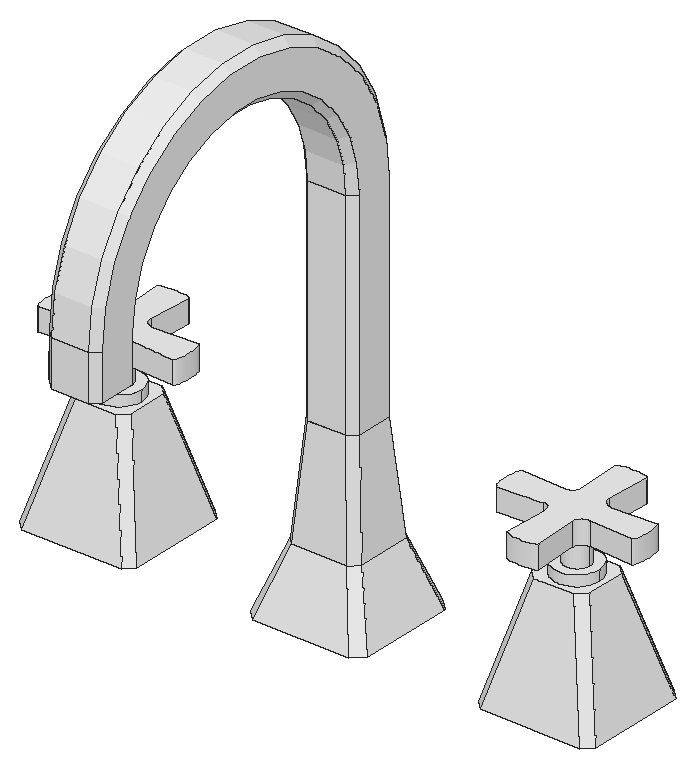
Revit family "Deca_Misturador Lavatório Wish_1877.C.WSH_Mesa Bica Alta", category Plumbing Fixtures, host Face, Revit 2010
Parameters (values of type "1877.C.WSH_Cromado CR10")
  WFU = 0
  Vendido Separadamente = " Ligação Flexível: 30 cm (4607.C.030), 40 cm (4607.C.040), 50 cm (4607.C.050)."  # constant formula
  Variações de COR = "Cromado (1877.C.WSH); Gold (1877.D.WSH.GLD)"  # constant formula
  URL = "www.deca.com.br/produtos"
  Segmento = "Luxo"  # constant formula
  Raio Água Quente = 7.5 mm  # constant formula
  Raio Água Fria = 7.5 mm  # constant formula
  Produto = "Misturador lavatório mesa bica alta Wish"  # constant formula
  Pressão = "2 A 40 mca"  # constant formula
  Peso Liquido (Kg) = 2.63  # constant formula
  Norma = "ABNT NBR 14390: 2001"  # constant formula
  Model = Código  # "1877.C.WSH"
  Misturador = Deca CR10 Cromado Metal
  Material = "Deca_Latão Cromado e Plástico de Engenharia"  # constant formula
  Manufacturer = "Deca"  # constant formula
  Louça/Metais = "Metal"  # constant formula
  Linha = "Wish"  # constant formula
  Informações Complementares = "Mecanismo: 1/4 volta"  # constant formula
  HWFU = 0
  Flow Pressure = 0.00 psi
  Diâmetro Água Quente = Raio Água Quente * 2  # 15 mm
  Diâmetro Água Fria = Raio Água Fria * 2  # 15 mm
  Description = "Misturador lavatório mesa"  # constant formula
  Default Elevation = 0 mm
  Código = "1877.C.WSH"
  Criado por = "Contino/quattroD"  # constant formula
  Consumo = "Varia com a pressão"  # constant formula
  CWFU = 0
  Atendimento ao Cliente = "0800-0117073"  # constant formula
  Assembly Code = "D2020"
  Aprovado por = "Contino/quattroD"  # constant formula
  Acompanha o Produto = "Válvula de escoamento 1601.C"  # constant formula
Types (3, lengths in mm): name | Model | Misturador | Código
  (no name) | "1877.C.WSH" | Deca CR10 Cromado Metal | "1877.C.WSH"
  1877.C.WSH_Cromado CR10 | "1877.C.WSH" | Deca CR10 Cromado Metal | "1877.C.WSH"
  1877.D.WSH.GLD_Gold GLD | "1877.D.WSH.GLD" | Deca GLD Gold Metal | "1877.D.WSH.GLD"
Reference planes
  plane 1 "Center (Front/Back)": y = 0
  plane 2: z = 0
  plane 3 "Center (Left/Right)": x = 0
  plane 4 "Top 1": z = 76.281
  plane 5 "Front 1": y = -25.5
  plane 6 "Back 1": y = 25.5
  plane 7 "Top 2": z = 250.475
  plane 8 "Front 2": y = -151.354
  plane 9 "Left 1": x = -100
  plane 10 "Right 1": x = 100
Forms (mm)
  Blend 1, solid, material "Deca CR10 Cromado Metal" <- "Misturador"
    base sketch origin (0, 0, 0) x (1, 0, 0) y (0, 1, 0)
      loop
        line (-121.713, 25.5) -> (-125.5, 21.713) -> (-125.5, -21.713) -> (-121.713, -25.5) -> (-78.287, -25.5) -> (-74.5, -21.713) -> (-74.5, 21.713) -> (-78.287, 25.5) -> (-121.713, 25.5)
    top sketch origin (0, 0, 0) x (1, 0, 0) y (0, 1, 0)
      loop
        line (-108.666, 12.604) -> (-112.554, 8.716) -> (-112.554, -8.716) -> (-108.666, -12.604) -> (-91.334, -12.604) -> (-87.446, -8.716) -> (-87.446, 8.716) -> (-91.334, 12.604) -> (-108.666, 12.604)
    from 0 to 50
  Blend 2, solid, material "Deca CR10 Cromado Metal" <- "Misturador"
    base sketch origin (0, 0, 0) x (-1, 0, 0) y (0, -1, 0)
      loop
        line (-121.713, -25.5) -> (-78.287, -25.5) -> (-74.5, -21.713) -> (-74.5, 21.713) -> (-78.287, 25.5) -> (-121.713, 25.5) -> (-125.5, 21.713) -> (-125.5, -21.713) -> (-121.713, -25.5)
    top sketch origin (0, 0, 0) x (-1, 0, 0) y (0, -1, 0)
      loop
        line (-108.666, -12.604) -> (-91.334, -12.604) -> (-87.446, -8.716) -> (-87.446, 8.716) -> (-91.334, 12.604) -> (-108.666, 12.604) -> (-112.554, 8.716) -> (-112.554, -8.716) -> (-108.666, -12.604)
    from 0 to 50
  Extrusion 3, solid, material "Deca CR10 Cromado Metal" <- "Misturador"
    sketch origin (0, 0, 0) x (1, 0, 0) y (0, 1, 0)
      loop
        circle (-100, 0) r 10
    from 50 to 54.5
  Extrusion 4, solid, material "Deca CR10 Cromado Metal" <- "Misturador"
    sketch origin (0, 0, 0) x (1, 0, 0) y (0, 1, 0)
      loop
        circle (-100, 0) r 5.475
    from 54.5 to 66.308
  Extrusion 5, solid, material "Deca CR10 Cromado Metal" <- "Misturador"
    sketch origin (0, 0, 0) x (1, 0, 0) y (0, 1, 0)
      loop
        line (-106.956, 29.35) -> (-105.949, 10.153)
        arc (-105.949, 10.153) -> (-107.116, 7.116) -> (-110.153, 5.949) r 4
        line (-110.153, 5.949) -> (-129.35, 6.956)
        spline (-129.35, 6.956) -> (-129.785, 6.719) -> (-130.191, 6.024) -> (-130.539, 4.918) -> (-130.806, 3.478) -> (-130.974, 1.8) -> (-131.031, 0) -> (-130.974, -1.8) -> (-130.806, -3.478) -> (-130.539, -4.918) -> (-130.191, -6.024) -> (-129.785, -6.719) -> (-129.35, -6.956)
        line (-129.35, -6.956) -> (-110.153, -5.949)
        arc (-110.153, -5.949) -> (-107.116, -7.116) -> (-105.949, -10.153) r 4
        line (-105.949, -10.153) -> (-106.956, -29.35)
        spline (-106.956, -29.35) -> (-106.719, -29.777) -> (-106.024, -30.175) -> (-104.918, -30.517) -> (-103.478, -30.779) -> (-101.8, -30.944) -> (-100, -31) -> (-98.2, -30.944) -> (-96.522, -30.779) -> (-95.082, -30.517) -> (-93.976, -30.175) -> (-93.281, -29.777) -> (-93.044, -29.35)
        line (-93.044, -29.35) -> (-94.051, -10.153)
        arc (-94.051, -10.153) -> (-92.884, -7.116) -> (-89.847, -5.949) r 4
        line (-89.847, -5.949) -> (-70.65, -6.956)
        spline (-70.65, -6.956) -> (-70.223, -6.719) -> (-69.825, -6.024) -> (-69.483, -4.918) -> (-69.221, -3.478) -> (-69.056, -1.8) -> (-69, 0) -> (-69.056, 1.8) -> (-69.221, 3.478) -> (-69.483, 4.918) -> (-69.825, 6.024) -> (-70.223, 6.719) -> (-70.65, 6.956)
        line (-70.65, 6.956) -> (-89.847, 5.949)
        arc (-89.847, 5.949) -> (-92.884, 7.116) -> (-94.051, 10.153) r 4
        line (-94.051, 10.153) -> (-93.044, 29.35)
        spline (-93.044, 29.35) -> (-93.281, 29.777) -> (-93.976, 30.175) -> (-95.082, 30.517) -> (-96.522, 30.779) -> (-98.2, 30.944) -> (-100, 31) -> (-101.8, 30.944) -> (-103.478, 30.779) -> (-104.918, 30.517) -> (-106.024, 30.175) -> (-106.719, 29.777) -> (-106.956, 29.35)
    from 66.308 to 76.281
  Extrusion 6, solid, material "Deca CR10 Cromado Metal" <- "Misturador"
    sketch origin (0, 0, 0) x (-1, 0, 0) y (0, -1, 0)
      loop
        spline (-106.956, -29.35) -> (-106.719, -29.777) -> (-106.024, -30.175) -> (-104.918, -30.517) -> (-103.478, -30.779) -> (-101.8, -30.944) -> (-100, -31) -> (-98.2, -30.944) -> (-96.522, -30.779) -> (-95.082, -30.517) -> (-93.976, -30.175) -> (-93.281, -29.777) -> (-93.044, -29.35)
        line (-93.044, -29.35) -> (-94.051, -10.153)
        arc (-94.051, -10.153) -> (-92.884, -7.116) -> (-89.847, -5.949) r 4
        line (-89.847, -5.949) -> (-70.65, -6.956)
        spline (-70.65, -6.956) -> (-70.223, -6.719) -> (-69.825, -6.024) -> (-69.483, -4.918) -> (-69.221, -3.478) -> (-69.056, -1.8) -> (-69, 0) -> (-69.056, 1.8) -> (-69.221, 3.478) -> (-69.483, 4.918) -> (-69.825, 6.024) -> (-70.223, 6.719) -> (-70.65, 6.956)
        line (-70.65, 6.956) -> (-89.847, 5.949)
        arc (-89.847, 5.949) -> (-92.884, 7.116) -> (-94.051, 10.153) r 4
        line (-94.051, 10.153) -> (-93.044, 29.35)
        spline (-93.044, 29.35) -> (-93.281, 29.777) -> (-93.976, 30.175) -> (-95.082, 30.517) -> (-96.522, 30.779) -> (-98.2, 30.944) -> (-100, 31) -> (-101.8, 30.944) -> (-103.478, 30.779) -> (-104.918, 30.517) -> (-106.024, 30.175) -> (-106.719, 29.777) -> (-106.956, 29.35)
        line (-106.956, 29.35) -> (-105.949, 10.153)
        arc (-105.949, 10.153) -> (-107.116, 7.116) -> (-110.153, 5.949) r 4
        line (-110.153, 5.949) -> (-129.35, 6.956)
        spline (-129.35, 6.956) -> (-129.785, 6.719) -> (-130.191, 6.024) -> (-130.539, 4.918) -> (-130.806, 3.478) -> (-130.974, 1.8) -> (-131.031, 0) -> (-130.974, -1.8) -> (-130.806, -3.478) -> (-130.539, -4.918) -> (-130.191, -6.024) -> (-129.785, -6.719) -> (-129.35, -6.956)
        line (-129.35, -6.956) -> (-110.153, -5.949)
        arc (-110.153, -5.949) -> (-107.116, -7.116) -> (-105.949, -10.153) r 4
        line (-105.949, -10.153) -> (-106.956, -29.35)
    from 66.308 to 76.281
  Extrusion 7, solid, material "Deca CR10 Cromado Metal" <- "Misturador"
    sketch origin (0, 0, 0) x (-1, 0, 0) y (0, -1, 0)
      loop
        circle (-100, 0) r 10
    from 50 to 54.5
  Extrusion 8, solid, material "Deca CR10 Cromado Metal" <- "Misturador"
    sketch origin (0, 0, 0) x (-1, 0, 0) y (0, -1, 0)
      loop
        circle (-100, 0) r 5.475
    from 54.5 to 66.308
  Blend 9, solid, material "Deca CR10 Cromado Metal" <- "Misturador"
    base sketch origin (0, 0, 0) x (1, 0, 0) y (0, 1, 0)
      loop
        line (-25.5, 20.915) -> (-25.5, -20.915) -> (-20.915, -25.5) -> (20.915, -25.5) -> (25.5, -20.915) -> (25.5, 20.915) -> (20.915, 25.5) -> (-20.915, 25.5) -> (-25.5, 20.915)
    top sketch origin (0, 0, 0) x (1, 0, 0) y (0, 1, 0)
      loop
        line (-11.917, 15.5) -> (-15.5, 11.917) -> (-15.5, -11.919) -> (-11.919, -15.5) -> (11.919, -15.5) -> (15.5, -11.919) -> (15.5, 11.991) -> (11.991, 15.5) -> (-11.917, 15.5)
    from 0 to 28.405
  Blend 10, solid, material "Deca CR10 Cromado Metal" <- "Misturador"
    base sketch origin (0, 0, 0) x (1, 0, 0) y (0, 1, 0)
      loop
        line (-11.917, 15.5) -> (-15.5, 11.917) -> (-15.5, -11.919) -> (-11.919, -15.5) -> (11.919, -15.5) -> (15.5, -11.919) -> (15.5, 11.991) -> (11.991, 15.5) -> (-11.917, 15.5)
    top sketch origin (0, 0, 0) x (1, 0, 0) y (0, 1, 0)
      loop
        line (8.183, 11.354) -> (-8.183, 11.354) -> (-11.56, 7.977) -> (-11.56, -7.977) -> (-8.233, -11.304) -> (8.233, -11.304) -> (11.56, -7.977) -> (11.56, 7.977) -> (8.183, 11.354)
    from 28.405 to 76.281
  Sweep 11, solid, material "Deca CR10 Cromado Metal" <- "Misturador"
    path origin (0, 0, 0) x (0, 1, 0) y (0, 0, 1)
      loop
        line (-140, 150) -> (-140, 170)
        arc (-140, 170) -> (-70, 240) -> (0, 170) r 70
        line (0, 170) -> (0, 76.281)
    profile origin (0, 0, 123.141) x (1, 0, 0) y (0, 1, 0)
      loop
        line (-8.183, 11.354) -> (-11.56, 7.977) -> (-11.56, -7.977) -> (-8.233, -11.304) -> (8.233, -11.304) -> (11.56, -7.977) -> (11.56, 7.977) -> (8.183, 11.354) -> (-8.183, 11.354)
Lines and regions (mm)
  Masking region 1
    outline origin (-382.791, 0, -120.036) x (1, 0, 0) y (0, 0, 1)
      loop
        arc (308.291, 120.036) -> (299.401, 143.929) -> (295.345, 169.097) r 130
        arc (295.345, 169.097) -> (295.032, 169.764) -> (294.347, 170.036) r 1
        line (294.347, 170.036) -> (293.091, 170.036) -> (293.091, 174.536) -> (289.041, 174.536) -> (289.041, 185.626)
        arc (289.041, 185.626) -> (289.381, 186.377) -> (290.17, 186.617) r 1
        spline (290.17, 186.617) -> (292.053, 186.607) -> (293.937, 186.594) -> (295.82, 186.578) -> (297.704, 186.56) -> (299.587, 186.54) -> (301.471, 186.517) -> (303.354, 186.492) -> (305.237, 186.465) -> (307.121, 186.435) -> (309.004, 186.403) -> (310.887, 186.369) -> (312.771, 186.344)
        arc (312.771, 186.344) -> (313.491, 186.629) -> (313.791, 187.343) r 1
        line (313.791, 187.343) -> (313.791, 195.323)
        arc (313.791, 195.323) -> (313.491, 196.037) -> (312.77, 196.334) r 1
        arc (312.77, 196.334) -> (301.164, 196.145) -> (289.557, 196.046) r 1495.883
        line (289.557, 196.046) -> (288.591, 196.323) -> (276.949, 196.323) -> (276.096, 196.045)
        arc (276.096, 196.045) -> (264.453, 196.145) -> (252.811, 196.323) r 1495.883
        arc (252.811, 196.323) -> (252.091, 196.037) -> (251.791, 195.323) r 1
        line (251.791, 195.323) -> (251.791, 187.343)
        arc (251.791, 187.343) -> (252.091, 186.629) -> (252.811, 186.332) r 1
        spline (252.811, 186.332) -> (254.715, 186.369) -> (256.619, 186.404) -> (258.523, 186.436) -> (260.427, 186.466) -> (262.331, 186.494) -> (264.235, 186.519) -> (266.139, 186.542) -> (268.043, 186.562) -> (269.947, 186.58) -> (271.851, 186.595) -> (273.755, 186.608) -> (275.66, 186.619)
        arc (275.66, 186.619) -> (276.289, 186.29) -> (276.541, 185.626) r 1
        line (276.541, 185.626) -> (276.541, 174.536) -> (272.491, 174.536) -> (272.491, 170.036) -> (271.234, 170.036)
        arc (271.234, 170.036) -> (270.549, 169.764) -> (270.236, 169.097) r 1
        arc (270.236, 169.097) -> (266.181, 143.929) -> (257.291, 120.036) r 130
        line (257.291, 120.036) -> (308.291, 120.036)
  Masking region 2
    outline origin (382.791, 0, -120.036) x (-1, 0, 0) y (0, 0, 1)
      loop
        arc (308.291, 120.036) -> (299.401, 143.929) -> (295.345, 169.097) r 130
        arc (295.345, 169.097) -> (295.032, 169.764) -> (294.347, 170.036) r 1
        line (294.347, 170.036) -> (293.091, 170.036) -> (293.091, 174.536) -> (289.041, 174.536) -> (289.041, 185.626)
        arc (289.041, 185.626) -> (289.381, 186.377) -> (290.17, 186.617) r 1
        spline (290.17, 186.617) -> (292.053, 186.607) -> (293.937, 186.594) -> (295.82, 186.578) -> (297.704, 186.56) -> (299.587, 186.54) -> (301.471, 186.517) -> (303.354, 186.492) -> (305.237, 186.465) -> (307.121, 186.435) -> (309.004, 186.403) -> (310.887, 186.369) -> (312.771, 186.344)
        arc (312.771, 186.344) -> (313.491, 186.629) -> (313.791, 187.343) r 1
        line (313.791, 187.343) -> (313.791, 195.323)
        arc (313.791, 195.323) -> (313.491, 196.037) -> (312.77, 196.334) r 1
        arc (312.77, 196.334) -> (301.164, 196.145) -> (289.557, 196.046) r 1495.883
        line (289.557, 196.046) -> (288.591, 196.323) -> (276.949, 196.323) -> (276.096, 196.045)
        arc (276.096, 196.045) -> (264.453, 196.145) -> (252.811, 196.323) r 1495.883
        arc (252.811, 196.323) -> (252.091, 196.037) -> (251.791, 195.323) r 1
        line (251.791, 195.323) -> (251.791, 187.343)
        arc (251.791, 187.343) -> (252.091, 186.629) -> (252.811, 186.332) r 1
        spline (252.811, 186.332) -> (254.715, 186.369) -> (256.619, 186.404) -> (258.523, 186.436) -> (260.427, 186.466) -> (262.331, 186.494) -> (264.235, 186.519) -> (266.139, 186.542) -> (268.043, 186.562) -> (269.947, 186.58) -> (271.851, 186.595) -> (273.755, 186.608) -> (275.66, 186.619)
        arc (275.66, 186.619) -> (276.289, 186.29) -> (276.541, 185.626) r 1
        line (276.541, 185.626) -> (276.541, 174.536) -> (272.491, 174.536) -> (272.491, 170.036) -> (271.234, 170.036)
        arc (271.234, 170.036) -> (270.549, 169.764) -> (270.236, 169.097) r 1
        arc (270.236, 169.097) -> (266.181, 143.929) -> (257.291, 120.036) r 130
        line (257.291, 120.036) -> (308.291, 120.036)
  Masking region 3
    outline origin (-382.791, 0, -120.036) x (1, 0, 0) y (0, 0, 1)
      loop
        line (371.791, 264.524) -> (371.791, 236.036)
        arc (371.791, 236.036) -> (371.416, 203.527) -> (370.29, 171.018) r 1409.034
        arc (370.29, 171.018) -> (366.391, 144.863) -> (357.291, 120.036) r 130.248
        line (357.291, 120.036) -> (408.291, 120.036)
        arc (408.291, 120.036) -> (399.19, 144.863) -> (395.291, 171.036) r 130.248
        arc (395.291, 171.036) -> (394.166, 203.527) -> (393.791, 236.036) r 1409.062
        line (393.791, 236.036) -> (393.791, 270.611) -> (393.791, 366.422)
        spline (393.791, 366.422) -> (393.416, 367.616) -> (392.317, 368.729) -> (390.569, 369.684) -> (388.291, 370.418) -> (385.638, 370.879) -> (382.791, 371.036) -> (379.944, 370.879) -> (377.291, 370.418) -> (375.013, 369.684) -> (373.265, 368.729) -> (372.166, 367.616) -> (371.791, 366.422)
        line (371.791, 366.422) -> (371.791, 264.524)
  Masking region 4
    outline origin (0, -288.871, -53.744) x (0, 1, 0) y (0, 0, 1)
      loop
        line (137.871, 223.59) -> (137.871, 203.744) -> (159.871, 203.744) -> (159.871, 223.609)
        arc (159.871, 223.609) -> (218.804, 282.744) -> (277.871, 223.744) r 59
        line (277.871, 223.744) -> (277.871, 169.743)
        arc (277.871, 169.743) -> (277.73, 149.761) -> (277.305, 129.784) r 1409.063
        spline (277.305, 129.784) -> (275.77, 129.797) -> (274.236, 129.811) -> (272.701, 129.827) -> (271.167, 129.845) -> (269.632, 129.864) -> (268.098, 129.885) -> (266.564, 129.907) -> (265.029, 129.931) -> (263.495, 129.956) -> (261.96, 129.984) -> (260.426, 130.012) -> (258.892, 130.03)
        arc (258.892, 130.03) -> (258.183, 129.756) -> (257.872, 129.063) r 1
        line (257.872, 129.063) -> (257.871, 121.047)
        arc (257.871, 121.047) -> (258.171, 120.332) -> (258.892, 120.035) r 1
        arc (258.892, 120.035) -> (267.947, 120.19) -> (277.003, 120.291) r 1495.883
        arc (277.003, 120.291) -> (276.709, 112.516) -> (276.371, 104.726) r 1409.135
        arc (276.371, 104.726) -> (272.472, 78.571) -> (263.371, 53.744) r 130.248
        line (263.371, 53.744) -> (314.371, 53.744)
        arc (314.371, 53.744) -> (305.269, 78.58) -> (301.371, 104.744) r 130.248
        arc (301.371, 104.744) -> (301.034, 112.516) -> (300.739, 120.291) r 1409.09
        arc (300.739, 120.291) -> (309.785, 120.19) -> (318.83, 120.035) r 1498.732
        arc (318.83, 120.035) -> (319.565, 120.327) -> (319.871, 121.055) r 1.02
        line (319.871, 121.055) -> (319.871, 129.031)
        arc (319.871, 129.031) -> (319.571, 129.745) -> (318.851, 130.042) r 1
        spline (318.851, 130.042) -> (317.317, 130.012) -> (315.782, 129.984) -> (314.248, 129.956) -> (312.714, 129.931) -> (311.179, 129.907) -> (309.645, 129.885) -> (308.111, 129.864) -> (306.576, 129.845) -> (305.042, 129.827) -> (303.507, 129.811) -> (301.973, 129.797) -> (300.438, 129.784)
        arc (300.438, 129.784) -> (300.013, 149.762) -> (299.871, 169.744) r 1409.067
        line (299.871, 169.744) -> (299.871, 223.641)
        arc (299.871, 223.641) -> (218.846, 304.744) -> (137.871, 223.59) r 81
  Masking region 5
    outline origin (-272.871, -79.854, 0) x (1, 0, 0) y (0, 1, 0)
      loop
        line (151.158, 105.354) -> (147.371, 101.567) -> (147.371, 86.608) -> (142.672, 86.854)
        arc (142.672, 86.854) -> (141.871, 79.854) -> (142.672, 72.854) r 31
        line (142.672, 72.854) -> (147.371, 73.101) -> (147.371, 58.141) -> (151.158, 54.354) -> (166.118, 54.354) -> (165.871, 49.655)
        arc (165.871, 49.655) -> (172.871, 48.854) -> (179.871, 49.655) r 31
        line (179.871, 49.655) -> (179.625, 54.354) -> (194.585, 54.354) -> (198.371, 58.141) -> (198.371, 73.101) -> (203.071, 72.854)
        arc (203.071, 72.854) -> (203.871, 79.854) -> (203.071, 86.854) r 31
        line (203.071, 86.854) -> (198.371, 86.608) -> (198.371, 101.567) -> (194.585, 105.354) -> (179.625, 105.354) -> (179.871, 110.054)
        arc (179.871, 110.054) -> (172.871, 110.854) -> (165.871, 110.054) r 31
        line (165.871, 110.054) -> (166.118, 105.354) -> (151.158, 105.354)
  Masking region 6
    outline origin (-272.871, -79.854, 0) x (1, 0, 0) y (0, 1, 0)
      loop
        line (261.871, 54.354) -> (261.871, -66.946) -> (266.071, -71.146) -> (279.672, -71.146) -> (283.871, -66.946) -> (283.871, 54.354) -> (293.787, 54.354) -> (298.371, 58.939) -> (298.371, 100.77) -> (293.787, 105.354) -> (251.956, 105.354) -> (247.371, 100.77) -> (247.371, 58.939) -> (251.956, 54.354) -> (261.871, 54.354)
  Masking region 7
    outline origin (272.871, -79.854, 0) x (0, 1, 0) y (-1, 0, 0)
      loop
        line (105.354, 151.158) -> (105.354, 166.118) -> (110.054, 165.871)
        arc (110.054, 165.871) -> (110.854, 172.871) -> (110.054, 179.871) r 31
        line (110.054, 179.871) -> (105.354, 179.625) -> (105.354, 194.585) -> (101.567, 198.371) -> (86.608, 198.371) -> (86.854, 203.071)
        arc (86.854, 203.071) -> (79.854, 203.871) -> (72.854, 203.071) r 31
        line (72.854, 203.071) -> (73.101, 198.371) -> (58.141, 198.371) -> (54.354, 194.585) -> (54.354, 179.625) -> (49.655, 179.871)
        arc (49.655, 179.871) -> (48.854, 172.871) -> (49.655, 165.871) r 31
        line (49.655, 165.871) -> (54.354, 166.118) -> (54.354, 151.158) -> (58.141, 147.371) -> (73.101, 147.371) -> (72.854, 142.672)
        arc (72.854, 142.672) -> (79.854, 141.871) -> (86.854, 142.672) r 31
        line (86.854, 142.672) -> (86.608, 147.371) -> (101.567, 147.371) -> (105.354, 151.158)
  symbolic lines
    curve 1: arc (-106.957, 0, 67.152) -> (-106.664, 0, 66.444) -> (-105.957, 0, 66.152) r 1
    curve 2: line (-106.957, 0, 67.152) -> (-106.957, 0, 75.199)
    curve 3: line (-105.957, 0, 66.152) -> (-94.043, 0, 66.152)
    curve 4: arc (-94.043, 0, 66.152) -> (-93.336, 0, 66.444) -> (-93.043, 0, 67.152) r 1
    curve 5: line (-93.043, 0, 75.204) -> (-93.043, 0, 67.152)
    curve 6: arc (-93.043, 0, 75.204) -> (-93.264, 0, 75.831) -> (-93.829, 0, 76.181) r 1
    curve 7: arc (-106.262, 0, 76.152) -> (-106.765, 0, 75.789) -> (-106.957, 0, 75.199) r 1
    curve 8: line (-106.25, 0, 54.5) -> (-93.75, 0, 54.5)
    curve 9: line (-110.3, 0, 50) -> (-89.7, 0, 50)
    curve 10: arc (106.957, 0, 67.152) -> (106.664, 0, 66.444) -> (105.957, 0, 66.152) r 1
    curve 11: line (106.957, 0, 67.152) -> (106.957, 0, 75.199)
    curve 12: line (105.957, 0, 66.152) -> (94.043, 0, 66.152)
    curve 13: arc (94.043, 0, 66.152) -> (93.336, 0, 66.444) -> (93.043, 0, 67.152) r 1
    curve 14: line (93.043, 0, 75.204) -> (93.043, 0, 67.152)
    curve 15: arc (93.043, 0, 75.204) -> (93.264, 0, 75.831) -> (93.829, 0, 76.181) r 1
    curve 16: arc (106.262, 0, 76.152) -> (106.765, 0, 75.789) -> (106.957, 0, 75.199) r 1
    curve 17: line (106.25, 0, 54.5) -> (93.75, 0, 54.5)
    curve 18: line (110.3, 0, 50) -> (89.7, 0, 50)
    curve 19: line (11, 0, 150) -> (-11, 0, 150)
    curve 20: line (0, -11.567, 76.04) -> (0, -6.383, 76.04)
    curve 21: line (0, -6.383, 76.04) -> (0, -6.045, 76.131)
    curve 22: line (0, -6.045, 76.131) -> (0, 6.03, 76.131)
    curve 23: line (0, 6.03, 76.131) -> (0, 6.468, 76.013)
    curve 24: line (0, 6.468, 76.013) -> (0, 11.567, 76.04)
    curve 25: line (0, -11.868, 66.548) -> (0, -6.961, 66.548)
    curve 26: arc (0, -6.961, 66.548) -> (0, -6.43, 66.163) -> (0, -6.25, 65.532) r 1.004
    curve 27: line (0, -6.25, 65.532) -> (0, -6.25, 54.5)
    curve 28: line (0, -6.957, 67.152) -> (0, -6.957, 75.131)
    curve 29: line (0, 6.957, 75.131) -> (0, 6.957, 67.152)
    curve 30: arc (0, -5.957, 66.152) -> (0, -6.664, 66.444) -> (0, -6.957, 67.152) r 1
    curve 31: line (0, 5.957, 66.152) -> (0, -5.957, 66.152)
    curve 32: arc (0, 6.957, 67.152) -> (0, 6.664, 66.444) -> (0, 5.957, 66.152) r 1
    curve 33: arc (0, -6.957, 75.131) -> (0, -6.702, 75.797) -> (0, -6.068, 76.125) r 1
    curve 34: arc (0, 6.044, 76.127) -> (0, 6.694, 75.807) -> (0, 6.957, 75.131) r 1
    curve 35: line (0, 6.25, 65.59) -> (0, 6.25, 54.5)
    curve 36: line (0, 11.791, 50) -> (0, -11.791, 50)
    curve 37: line (0, -10.3, 54.5) -> (0, 10.3, 54.5)
    curve 38: line (0, -10.3, 50) -> (0, -10.3, 54.5)
    curve 39: line (0, 10.3, 54.5) -> (0, 10.3, 50)
    curve 40: arc (0, -12.789, 49.062) -> (0, -12.476, 49.729) -> (0, -11.791, 50) r 1
    curve 41: arc (0, 11.791, 50) -> (0, 12.476, 49.729) -> (0, 12.789, 49.062) r 1
    curve 42: arc (0, 12.5, 51) -> (0, 12.163, 58.773) -> (0, 11.868, 66.548) r 1409.09
    curve 43: line (0, 11.868, 66.548) -> (0, 6.946, 66.548)
    curve 44: arc (0, 6.946, 66.548) -> (0, 6.415, 66.163) -> (0, 6.235, 65.532) r 1.004
    curve 45: line (-106.956, 29.35, 0) -> (-105.949, 10.153, 0)
    curve 46: line (-93.044, 29.35, 0) -> (-94.051, 10.153, 0)
    curve 47: arc (-94.051, 10.153, 0) -> (-92.884, 7.116, 0) -> (-89.847, 5.949, 0) r 4
    curve 48: arc (-110.153, 5.949, 0) -> (-107.116, 7.116, 0) -> (-105.949, 10.153, 0) r 4
    curve 49: line (-110.153, 5.949, 0) -> (-129.35, 6.956, 0)
    curve 50: line (-110.153, -5.949, 0) -> (-129.35, -6.956, 0)
    curve 51: arc (-105.949, -10.153, 0) -> (-107.116, -7.116, 0) -> (-110.153, -5.949, 0) r 4
    curve 52: line (-106.956, -29.35, 0) -> (-105.949, -10.153, 0)
    curve 53: line (-93.044, -29.35, 0) -> (-94.051, -10.153, 0)
    curve 54: arc (-89.847, -5.949, 0) -> (-92.884, -7.116, 0) -> (-94.051, -10.153, 0) r 4
    curve 55: line (-89.847, -5.949, 0) -> (-70.65, -6.956, 0)
    curve 56: line (-89.847, 5.949, 0) -> (-70.65, 6.956, 0)
    curve 57: line (-11, -25.5, 0) -> (-11, 6.8, 0)
    curve 58: line (11, -25.5, 0) -> (11, 6.8, 0)
    curve 59: line (-6.8, 11, 0) -> (-11, 6.8, 0)
    curve 60: line (-6.8, 11, 0) -> (6.8, 11, 0)
    curve 61: line (6.8, 11, 0) -> (11, 6.8, 0)
    curve 62: line (106.955, 29.35, 0) -> (105.949, 10.153, 0)
    curve 63: line (93.044, 29.35, 0) -> (94.051, 10.153, 0)
    curve 64: arc (94.051, 10.153, 0) -> (92.884, 7.116, 0) -> (89.847, 5.949, 0) r 4
    curve 65: arc (110.153, 5.949, 0) -> (107.116, 7.116, 0) -> (105.949, 10.153, 0) r 4
    curve 66: line (110.153, 5.949, 0) -> (129.35, 6.956, 0)
    curve 67: line (110.153, -5.949, 0) -> (129.35, -6.956, 0)
    curve 68: arc (105.949, -10.153, 0) -> (107.116, -7.116, 0) -> (110.153, -5.949, 0) r 4
    curve 69: line (106.955, -29.35, 0) -> (105.949, -10.153, 0)
    curve 70: line (93.044, -29.35, 0) -> (94.051, -10.153, 0)
    curve 71: arc (89.847, -5.949, 0) -> (92.884, -7.116, 0) -> (94.051, -10.153, 0) r 4
    curve 72: line (89.847, -5.949, 0) -> (70.65, -6.956, 0)
    curve 73: line (89.847, 5.949, 0) -> (70.65, 6.956, 0)
Dimensions and locks
  plane 4 "Top 1" to host face = 76.281 mm
  plane 5 "Front 1" to plane 6 "Back 1" = 51 mm
  host face to plane 4 "Top 1" = 76.281 mm
  plane 6 "Back 1" to plane 5 "Front 1" = 51 mm
  plane 7 "Top 2" to plane 4 "Top 1" = 174.193 mm
  plane 7 "Top 2" to plane 2 = 250.475 mm  (x2)
  plane 4 "Top 1" to plane 7 "Top 2" = 174.193 mm
  plane 8 "Front 2" to plane 1 "Center (Front/Back)" = 151.354 mm
  plane 10 "Right 1" to plane 9 "Left 1" = 200 mm
  plane 9 "Left 1" to plane 10 "Right 1" = 200 mm
  aligned and locked: host face to plane 2
  aligned and locked: level to host face
Connectors
  piping at (-100, 0, 0), driven by "Raio Água Quente", driven by "Flow Pressure", driven by "HWFU"
    settings: on Blend 1, index 1, connector radius 0.29528", flow factor 0, pipe flow 0 GPM, pressure drop 0.00 psi, fitting loss kfactor 0, connector angle 0.00°, fixture units 0, engagement length 0 mm, flow configuration 3, flow direction 1, fitting loss method 4, system type 19, joint type 0, gender type 0, connector reference index -1, connector utility 0, adjustable connector no, is connector primary yes, fitting loss table "", connector description ""
  piping at (100, 0, 0), driven by "Raio Água Fria", driven by "Flow Pressure", driven by "CWFU"
    settings: on Blend 2, index 2, connector radius 0.29528", flow factor 0, pipe flow 0 GPM, pressure drop 0.00 psi, fitting loss kfactor 0, connector angle 0.00°, fixture units 0, engagement length 0 mm, flow configuration 3, flow direction 1, fitting loss method 4, system type 20, joint type 0, gender type 0, connector reference index -1, connector utility 0, adjustable connector no, is connector primary no, fitting loss table "", connector description ""
